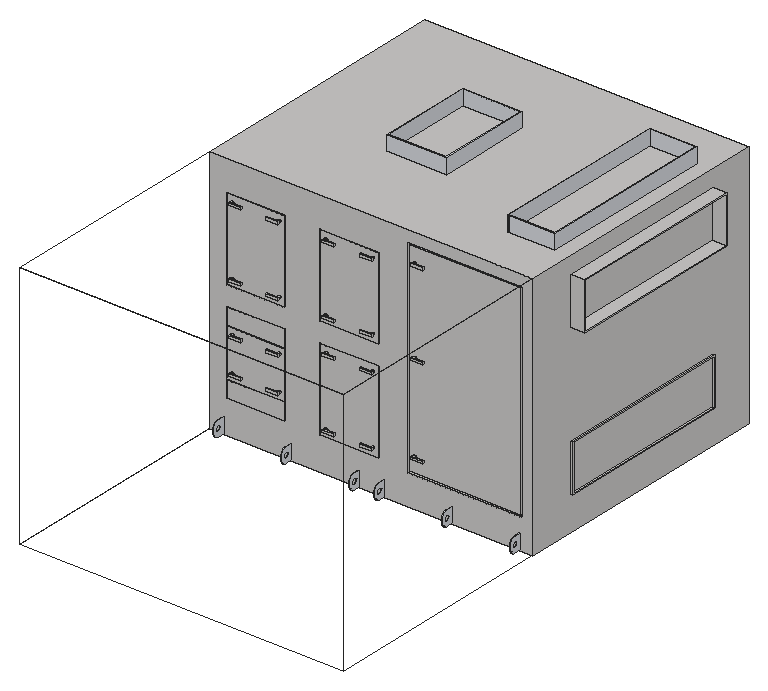
Revit family "DN-5XIN-EC-1FP", category Mechanical Equipment, Revit 2019
Family settings
  Round Connector Dimension = Use Diameter
  Part Type = Normal
  Work Plane-Based = No
  Always vertical = Yes
  Cut with Voids When Loaded = No
  Shared = No
  Room Calculation Point = No
Parameters (values of type "4@5HP 460V")
  Voltage = "460 V"
  Unit Weight = "115-3/4\" x 100-1/8\" x 88-7/8\""
  Unit Dimensions (L x W x H) = "3300-3700 lbs."
  Unit = Renewaire - Galvanized Steel
  URL = "www.renewaire.com"
  Typical Airflow Range = "1,125-4,950 CFM"
  Standard Features = "EC Motors for both airstreams, Direct drive backward inclined plenum, Higher ESP of up to 3\" w.g. at 4,500 CFM, Integrated programmable controls, True 100% face and bypass enthalpy based modulating economizer, Class 1 low leakage motorized isolation dampers, Stainless steel double-sloped drain pan with cooling option, 1\" Double wall foam injected 20 gauge galvanized panel construction with R6.5 insulation"
  Shipping Dimensions (L x W x H) = "120\" x 101-1/2\" x 94\""
  Service Area Visibility = yes
  Service Area Box = Renewaire - Interference
  Revit Object Download Link = ""
  Phase = "3"
  Options = "DX, heat pump, or chilled water cooling coil, Modulating hot gas reheat, Steam or hot water coil, Onboard variable frequency drives (VFDs) - both airstreams, Fused disconnect, Spring isolators (VFDs only), 2\" Double wall foam injected 20 gauge galvanized panel construction with R13 insulation, Exterior paint - grey, white, custom color, BACNET factory activation, GFCI convenience outlet, Recirculation damper, Drain overflow switch, Electrofin coating for coils"
  Number Motors = "Qty. 4, Direct drive motorized impeller packages"
  Model = "DN-5XIN-1FP-EC"
  Minimum Circuit Amps = "28.5 A"
  Maximum Overcurrent Protection = "35 A"
  Max. Shipping Weight = "3550-3950 lbs."
  Manufacturer = "Renewaire LLC"
  Inlets/Outlets [instance] = "OA & RA Inlets: 60\" x 16\", SA Outlet: 24\" x 16\", EA Outlet: 20\" x 32\""
  Frequency = "50/60 Hz"
  Filters [instance] = "Total qty. 10, MERV 8: 16\" x 20\" x 2\""
  FLA per Motor = "6.7"
  Energy Recovery Type = "Static plate total energy transfer"
  Description = "Energy Recovery Ventilator"
  Bypass Filters [instance] = "Total qty. 4, MERV 8: 16\" x 20\" x 2"
  Accessories = "Filters - MERV 13, 2\"  and 4\" (shipped loose), MERV 14, 2\" and 4\" (shipped loose), Additional filters available upon request, Duct mounted electric pre-heater (separately powered), Carbon dioxide sensor/control - wall mount (CO2-W), duct mount (CO2-D), IAQ sensor - wall mount (IAQ-W), duct mount (IAQ-D), Motion occupancy sensor/control - ceiling mount (MC-C), wall mount (MC-W), Smoke detector, Room temperature and humidity sensor, Duct static pressure sensor with display to 10\", without display 0-2\", Room pressure sensor with display to 1\", without display 0-1\", Waterless trap negative pressure, Waterless trap positive pressure, Remote display"
  AHRI 1060 Certified Core = "One L-62-G5 and four L-125-G5"
Types (6): name | Voltage | Minimum Circuit Amps | Maximum Overcurrent Protection | FLA per Motor
  (no name) | "460 V" | "28.5 A" | "35 A" | "6.7"
  4@2.70 kW 200-240V | "200-240V" | "36.6 A" | "45 A" | "8.6-7.2"
  4@3.70 kW 380-480V | "380-480 V" | "25.5 A" | "30 A" | "6.0-4.6"
  4@5HP 208-230V | "208-230 V" | "59.1 A" | "70 A" | "13.9-13.4/6.7"
  4@5HP 460V | "460 V" | "28.5 A" | "35 A" | "6.7"
  4@5HP 575V | "575 V" | "22.5 A" | "25 A" | "5.3"
Reference planes (in)
  plane 1 "Center (Front/Back)": y = 0
  plane 2: z = 0
  plane 3 "Center (Left/Right)": x = 0
Forms (in)
  Extrusion 1, solid, material "Renewaire - Galvanized Steel" <- "Unit"
    sketch origin (0, 0, 0) x (1, 0, 0) y (0, 1, 0)
      loop
        line (-109.6966, 45.5) -> (-109.6966, -45.5) -> (0, -45.5) -> (0, 45.5) -> (-109.6966, 45.5)
    from 0 to 84
  Extrusion 2, void
    sketch origin (0, 0, 0) x (1, 0, 0) y (0, 0, 1)
      loop
        line (-103.88334, 73.82399) -> (-103.88334, 45.824) -> (-83.88335, 45.824) -> (-83.88335, 73.82399) -> (-103.88334, 73.82399)
      loop
        line (-72.14754, 73.82399) -> (-72.14754, 45.824) -> (-52.14754, 45.824) -> (-52.14754, 73.82399) -> (-72.14754, 73.82399)
      loop
        line (-42.6125, 80.324) -> (-42.6125, 10.324) -> (-3.61251, 10.324) -> (-3.61251, 80.324) -> (-42.6125, 80.324)
      loop
        line (-72.14754, 39.32399) -> (-72.14754, 11.32399) -> (-52.14754, 11.32399) -> (-52.14754, 39.32399) -> (-72.14754, 39.32399)
      loop
        line (-103.88334, 39.32399) -> (-103.88334, 11.33722) -> (-83.88335, 11.33722) -> (-83.88335, 39.32399) -> (-103.88334, 39.32399)
    from 44.5 to 47.07986
  Extrusion 3, void
    sketch origin (0, 0, 0) x (1, 0, 0) y (0, 1, 0)
      loop
        line (-107.6966, 43.5) -> (-107.6966, -43.5) -> (-2, -43.5) -> (-2, 43.5) -> (-107.6966, 43.5)
    from -3 to 5
  Extrusion 4, void
    sketch origin (0, 0, 0) x (1, 0, 0) y (0, 1, 0)
      loop
        line (-102.83644, 12.11675) -> (-102.83644, -11.88325) -> (-86.83644, -11.88325) -> (-86.83644, 12.11675) -> (-102.83644, 12.11675)
      loop
        line (-21.9895, 30.11677) -> (-21.9895, -29.88323) -> (-5.9895, -29.88323) -> (-5.9895, 30.11677) -> (-21.9895, 30.11677)
    from 4.75 to 5.0625
  Extrusion 5, solid, material "Renewaire - Galvanized Steel" <- "Unit"
    sketch origin (0, 0, 0) x (0, 1, 0) y (0, 0, 1)
      loop
        line (12.11677, 31.05846) -> (-11.88323, 31.05846) -> (-11.88323, 15.05845) -> (12.11677, 15.05845) -> (12.11677, 31.05846)
      loop
        line (11.99177, 30.93346) -> (-11.75823, 30.93346) -> (-11.75823, 15.18345) -> (11.99177, 15.18345) -> (11.99177, 30.93346)
    from -110.6966 to -109.6966
  Extrusion 6, solid, material "Renewaire - Galvanized Steel" <- "Unit"
    sketch origin (0, 0, 0) x (0, 1, 0) y (0, 0, 1)
      loop
        line (-29.87714, 28.04274) -> (-29.87714, 12.04274) -> (30.12286, 12.04274) -> (30.12286, 28.04274) -> (-29.87714, 28.04274)
      loop
        line (-29.75214, 27.91774) -> (-29.75214, 12.16774) -> (29.99786, 12.16774) -> (29.99786, 27.91774) -> (-29.75214, 27.91774)
    from 0 to 1
  Extrusion 7, solid, material "Renewaire - Galvanized Steel" <- "Unit"
    sketch origin (0, 0, 0) x (0, 1, 0) y (0, 0, 1)
      loop
        line (-29.88324, 78.57708) -> (-29.88324, 62.57708) -> (30.11676, 62.57708) -> (30.11676, 78.57708) -> (-29.88324, 78.57708)
      loop
        line (-29.75824, 78.45208) -> (-29.75824, 62.70208) -> (29.99176, 62.70208) -> (29.99176, 78.45208) -> (-29.75824, 78.45208)
    from 0 to 5
  Extrusion 8, solid, material "Renewaire - Galvanized Steel" <- "Unit"
    sketch origin (0, 0, 0) x (1, 0, 0) y (0, 0, 1)
      loop
        line (-54.12572, 77.83887) -> (-72.14754, 77.83887) -> (-72.14754, 47.80251) -> (-54.12572, 47.80251) -> (-54.12572, 77.83887)
      loop
        line (-54.25072, 77.71387) -> (-72.02254, 77.71387) -> (-72.02254, 47.92751) -> (-54.25072, 47.92751) -> (-54.25072, 77.71387)
    from -50.5 to -45.5
  Extrusion 9, solid, material "Renewaire - Galvanized Steel" <- "Unit"
    sketch origin (0, 0, 0) x (1, 0, 0) y (0, 0, 1)
      loop
        line (-103.68333, 17.034) -> (-103.68333, 11.434) -> (-84.08333, 11.434) -> (-84.08333, 17.034) -> (-103.68333, 17.034)
      loop
        line (-103.68333, 33.374) -> (-103.68333, 17.27399) -> (-84.08333, 17.27399) -> (-84.08333, 33.374) -> (-103.68333, 33.374)
      loop
        line (-103.68333, 39.214) -> (-103.68333, 33.614) -> (-84.08333, 33.614) -> (-84.08333, 39.214) -> (-103.68333, 39.214)
      loop
        line (-103.68333, 73.62401) -> (-103.68333, 46.024) -> (-84.08333, 46.024) -> (-84.08333, 73.62401) -> (-103.68333, 73.62401)
      loop
        line (-71.94753, 73.62401) -> (-71.94753, 46.024) -> (-52.34756, 46.024) -> (-52.34756, 73.62401) -> (-71.94753, 73.62401)
      loop
        line (-71.94754, 39.124) -> (-71.94754, 11.434) -> (-52.34753, 11.434) -> (-52.34753, 39.124) -> (-71.94754, 39.124)
      loop
        line (-41.95871, 10.97626) -> (-4.26607, 10.97626) -> (-4.26607, 79.67027) -> (-41.95871, 79.67027) -> (-41.95871, 10.97626)
    from 44.5 to 45.5
  Extrusion 10, solid, material "Renewaire - Interference" <- "Service Area Box", visible <- "Service Area Visibility"
    sketch origin (0, 0, 0) x (1, 0, 0) y (0, 1, 0)
      loop
        line (-109.6966, -45.5) -> (-109.6966, -125.5) -> (0, -125.5) -> (0, -45.5) -> (-109.6966, -45.5)
    from 0 to 84
  Extrusion 11, solid
    sketch origin (0, 0, 0) x (1, 0, 0) y (0, 1, 0)
      loop
        line (-73.14753, 16.11676) -> (-73.14753, -15.88324) -> (-53.14754, -15.88324) -> (-53.14754, 16.11676) -> (-73.14753, 16.11676)
      loop
        line (-53.39754, 15.86676) -> (-72.89753, 15.86676) -> (-72.89753, -15.63324) -> (-53.39754, -15.63324) -> (-53.39754, 15.86676)
      loop
        line (-21.11249, 30.11679) -> (-21.11249, -29.88323) -> (-5.1125, -29.88323) -> (-5.1125, 30.11679) -> (-21.11249, 30.11679)
      loop
        line (-20.86249, 29.86679) -> (-20.86249, -29.63323) -> (-5.3625, -29.63323) -> (-5.3625, 29.86679) -> (-20.86249, 29.86679)
    from 84 to 89
Cuts and joins
  Extrusion 2, Extrusion 3, Extrusion 4 cuts Extrusion 1
Dimensions and locks (in)
  aligned and locked: plane 2 to level
Nested families (in)
  nested 1: "Handle" at (-40.11251, -45.5, 16), type "Handle"
    with Right Handle yes, Left Handle no, Flip no
  nested 2: "Handle" at (-40.11251, -45.5, 74.67027), type "Handle"
    with Right Handle yes, Left Handle no, Flip no
  nested 3: "Handle" at (-40.11251, -45.5, 46), type "Handle"
    with Right Handle yes, Left Handle no, Flip no
  nested 4: "Handle" at (-70.07253, -45.5, 71.37401), type "Handle"
    with Right Handle yes, Left Handle no, Flip no
  nested 5: "Handle" at (-70.07253, -45.5, 48.274), type "Handle"
    with Right Handle yes, Left Handle no, Flip no
  nested 6: "Handle" at (-54.22256, -45.5, 71.37401), type "Handle"
    with Right Handle no, Left Handle yes, Flip yes
  nested 7: "Handle" at (-54.22256, -45.5, 48.274), type "Handle"
    with Right Handle no, Left Handle yes, Flip yes
  nested 8: "Handle" at (-70.07253, -45.5, 36.87401), type "Handle"
    with Right Handle yes, Left Handle no, Flip no
  nested 9: "Handle" at (-70.07253, -45.5, 13.77401), type "Handle"
    with Right Handle yes, Left Handle no, Flip no
  nested 10: "Handle" at (-54.22256, -45.5, 36.87401), type "Handle"
    with Right Handle no, Left Handle yes, Flip yes
  nested 11: "Handle" at (-54.22256, -45.5, 13.77401), type "Handle"
    with Right Handle no, Left Handle yes, Flip yes
  nested 12: "Handle" at (-101.80833, -45.5, 31.124), type "Handle"
    with Right Handle yes, Left Handle no, Flip no
  nested 13: "Handle" at (-101.80833, -45.5, 19.52399), type "Handle"
    with Right Handle yes, Left Handle no, Flip no
  nested 14: "Handle" at (-85.95836, -45.5, 31.124), type "Handle"
    with Right Handle no, Left Handle yes, Flip yes
  nested 15: "Handle" at (-85.95836, -45.5, 19.52399), type "Handle"
    with Right Handle no, Left Handle yes, Flip yes
  nested 16: "Handle" at (-101.80833, -45.5, 71.37401), type "Handle"
    with Right Handle yes, Left Handle no, Flip no
  nested 17: "Handle" at (-101.80833, -45.5, 48.274), type "Handle"
    with Right Handle yes, Left Handle no, Flip no
  nested 18: "Handle" at (-85.95836, -45.5, 71.37401), type "Handle"
    with Right Handle no, Left Handle yes, Flip yes
  nested 19: "Handle" at (-85.95836, -45.5, 48.274), type "Handle"
    with Right Handle no, Left Handle yes, Flip yes
  nested 20: "Lifting Lug" at (-104.9466, -45.5, 0) x (0, -1, 0) z (0, 0, 1), type "Lifting Lug"
  nested 21: "Lifting Lug" at (-4.5, -45.5, 0) x (0, -1, 0) z (0, 0, 1), type "Lifting Lug"
  nested 22: "Lifting Lug" at (-104.9466, 45.5, 0) x (0, 1, 0) z (0, 0, 1), type "Lifting Lug"
  nested 23: "Lifting Lug" at (-4.5, 45.5, 0) x (0, 1, 0) z (0, 0, 1), type "Lifting Lug"
  nested 24: "Lifting Lug" at (-81.9466, -45.5, 0) x (0, -1, 0) z (0, 0, 1), type "Lifting Lug"
  nested 25: "Lifting Lug" at (-81.9466, 45.5, 0) x (0, 1, 0) z (0, 0, 1), type "Lifting Lug"
  nested 26: "Lifting Lug" at (-58.9466, -45.5, 0) x (0, -1, 0) z (0, 0, 1), type "Lifting Lug"
  nested 27: "Lifting Lug" at (-58.9466, 45.5, 0) x (0, 1, 0) z (0, 0, 1), type "Lifting Lug"
  nested 28: "Lifting Lug" at (-27.5, -45.5, 0) x (0, -1, 0) z (0, 0, 1), type "Lifting Lug"
  nested 29: "Lifting Lug" at (-27.5, 45.5, 0) x (0, 1, 0) z (0, 0, 1), type "Lifting Lug"
  nested 30: "Lifting Lug" at (-50.5, -45.5, 0) x (0, -1, 0) z (0, 0, 1), type "Lifting Lug"
  nested 31: "Lifting Lug" at (-50.5, 45.5, 0) x (0, 1, 0) z (0, 0, 1), type "Lifting Lug"
Connectors (in)
  hvac at (1, 0.12286, 20.04274)
    settings: on Extrusion 6, index 1, duct flow 0 CFM, flow factor 0, pres drop 0.00 in-wg, loss coef 0, conn angle 0.00°, conn width 60", conn height 16", conn diameter 24", duct sys type 2, conn prof type 1, flow config 0, flow direction 1, loss method 0, conn ref index -1, conn util no, is conn primary yes, conn desc "Return Air (RA)"
  hvac at (5, 0.11676, 70.57708)
    settings: on Extrusion 7, index 2, duct flow 0 CFM, flow factor 0, pres drop 0.00 in-wg, loss coef 0, conn angle 0.00°, conn width 60", conn height 16", conn diameter 24", duct sys type 4, conn prof type 1, flow config 0, flow direction 1, loss method 0, conn ref index -1, conn util no, is conn primary no, conn desc "Outside Air (OA)"
  hvac at (-63.13663, 50.5, 62.82069)
    settings: on Extrusion 8, index 5, duct flow 0 CFM, flow factor 0, pres drop 0.00 in-wg, loss coef 0, conn angle 0.00°, conn width 18", conn height 30", conn diameter 24", duct sys type 3, conn prof type 1, flow config 0, flow direction 2, loss method 0, conn ref index -1, conn util no, is conn primary no, conn desc "Exhaust Air (EA)"
  hvac at (-110.6966, 0.11677, 23.05845)
    settings: on Extrusion 5, index 6, duct flow 0 CFM, flow factor 0, pres drop 0.00 in-wg, loss coef 0, conn angle 0.00°, conn width 24", conn height 16", conn diameter 24", duct sys type 1, conn prof type 1, flow config 0, flow direction 2, loss method 0, conn ref index -1, conn util no, is conn primary no, conn desc "Supply Air (SA)"
  hvac at (-63.14754, 0.11676, 89)
    settings: on Extrusion 11, index 10, duct flow 0 CFM, flow factor 0, pres drop 0.00 in-wg, loss coef 0, conn angle 0.00°, conn width 20", conn height 32", conn diameter 24", duct sys type 3, conn prof type 1, flow config 0, flow direction 2, loss method 0, conn ref index -1, conn util no, is conn primary no, conn desc "Exhaust Air (EA)"
  hvac at (-13.1125, 0.11678, 89)
    settings: on Extrusion 11, index 12, duct flow 0 CFM, flow factor 0, pres drop 0.00 in-wg, loss coef 0, conn angle 0.00°, conn width 16", conn height 60", conn diameter 24", duct sys type 4, conn prof type 1, flow config 0, flow direction 1, loss method 0, conn ref index -1, conn util no, is conn primary no, conn desc "Outside Air (OA)"
  hvac at (-94.83644, 0.11675, 5)
    settings: on cut or joined group of Extrusion 1, Extrusion 2, Extrusion 3, Extrusion 4, index 13, duct flow 0 CFM, flow factor 0, pres drop 0.00 in-wg, loss coef 0, conn angle 0.00°, conn width 24", conn height 16", conn diameter 24", duct sys type 1, conn prof type 1, flow config 0, flow direction 2, loss method 0, conn ref index -1, conn util no, is conn primary no, conn desc "Supply Air (SA)"
  hvac at (-13.9895, 0.11677, 5)
    settings: on cut or joined group of Extrusion 1, Extrusion 2, Extrusion 3, Extrusion 4, index 14, duct flow 0 CFM, flow factor 0, pres drop 0.00 in-wg, loss coef 0, conn angle 0.00°, conn width 60", conn height 16", conn diameter 24", duct sys type 2, conn prof type 1, flow config 0, flow direction 1, loss method 0, conn ref index -1, conn util no, is conn primary no, conn desc "Return Air (RA)"
Definition of nested family "Handle"
  Parameters (values of type "Handle")
    Right Handle [instance] = not(Flip)  # no
    Material = none
    Left Handle [instance] = Flip  # yes
    Flip [instance] = yes
  Reference planes (in)
    plane 1 "Center (Front/Back)": y = 0
    plane 2: z = 0
    plane 3 "Center (Left/Right)": x = 0
  Forms (in)
    Extrusion 1, solid, material <- "Material"
      sketch origin (0, 0, 0) x (1, 0, 0) y (0, 0, 1)
        loop
          circle (0, 0) r 0.375
      from 0 to 0.75
    Extrusion 2, solid, material <- "Material", visible <- "Right Handle"
      sketch origin (0, 0, 0) x (1, 0, 0) y (0, 1, 0)
        loop
          line (-0.375, -0.75) -> (-0.375, -1.25) -> (3.625, -1.25) -> (3.625, -0.75) -> (-0.375, -0.75)
      from -0.375 to 0.375
    Extrusion 3, solid, material <- "Material", visible <- "Left Handle"
      sketch origin (-3.25, 0, 0) x (1, 0, 0) y (0, 1, 0)
        loop
          line (-0.375, -0.75) -> (-0.375, -1.25) -> (3.625, -1.25) -> (3.625, -0.75) -> (-0.375, -0.75)
      from -0.375 to 0.375
  Dimensions and locks (in)
    aligned and locked: plane 2 to level
Definition of nested family "Lifting Lug"
  Parameters (values of type "Lifting Lug")
    Material = none
  Reference planes (in)
    plane 1 "Center (Front/Back)": y = 0
    plane 2: z = 0
    plane 3 "Center (Left/Right)": x = 0
  Forms (in)
    Extrusion 1, solid
      sketch origin (0, 0, 0) x (1, 0, 0) y (0, 0, 1)
        loop
          line (0, 0.1875) -> (2, 0.1875)
          arc (2, 0.1875) -> (3.41421, 0.77329) -> (4, 2.1875) r 2
          line (4, 2.1875) -> (4, 3.1875)
          arc (4, 3.1875) -> (3.41421, 4.60171) -> (2, 5.1875) r 2
          line (2, 5.1875) -> (0, 5.1875) -> (0, 0.1875)
        loop
          circle (2.125, 2.6875) r 1
      from 0 to 0.25
  Dimensions and locks (in)
    aligned and locked: plane 2 to level
